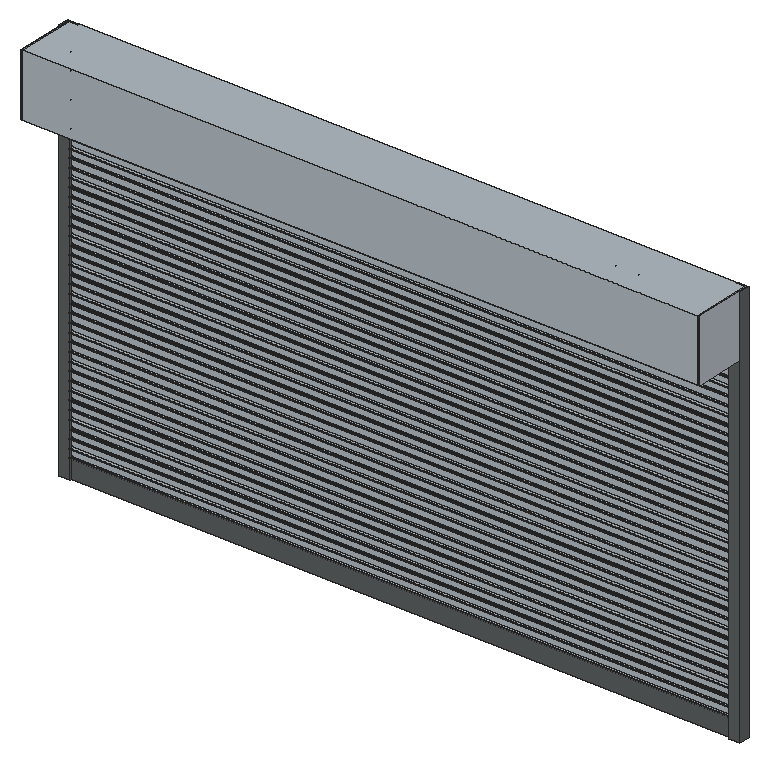
Revit family "Doors_Fire-Doors-Shutters_Wayne-Dalton_Fire-Rated-Counter-Shutters-FireStar-Model-550", category Specialty Equipment, host Wall, Revit 2026 (continued)
Definition of nested family "Motor"
  Definition of nested family "2D_NotScalableMain_29e791da-3db9-4234-ab15-44456784202b"
    Lines and regions (in)
      Masking region 3, in view "Ref. Level", visible <- "Wall Mount RMX"
        outline origin (0, 0, 0) x (1, 0, 0) y (0, 1, 0)
          loop
            arc (3.108, -2.29347) -> (3.02315, -2.25832) -> (2.988, -2.17347) r 0.12
            line (2.988, -2.17347) -> (2.988, 0.77483) -> (7.2495, 0.77483) -> (7.2495, -1.81) -> (7.52, -1.81) -> (7.52, 0.79) -> (8.82, 0.79) -> (8.82, 1.59) -> (7.52, 1.59) -> (7.52, 4.19) -> (7.2495, 4.19) -> (7.2495, 1.59) -> (3.108, 1.59) -> (3.108, 1.46193) -> (2.988, 1.46193) -> (2.988, 4.96193) -> (-2.988, 4.96193)
      reference lines, in view "Ref. Level"
        curve 1: line (0, 0, 0) -> (0, 0.125, 0)
        curve 2: line (0, 0, 0) -> (0.125, 0, 0)
      detail lines, in view "Ref. Level", visible <- "Wall Mount"
        curve 3: line (7.2495, 4.19, 0) -> (7.2495, -1.81, 0)
        curve 4: line (7.52, 4.19, 0) -> (7.52, -1.81, 0)
        curve 5: line (-4.134, -2.29347, 0) -> (-4.134, -5.05565, 0)
        curve 6: line (4.116, -2.29347, 0) -> (4.116, -5.05565, 0)
        curve 7: line (-4.134, -2.41307, 0) -> (4.116, -2.41307, 0)
        curve 8: line (4.116, -2.29347, 0) -> (3.108, -2.29347, 0)
        curve 9: line (2.988, -2.17347, 0) -> (2.988, 4.96193, 0)
        curve 10: line (2.988, 4.96193, 0) -> (-2.988, 4.96193, 0)
        curve 11: line (-2.988, 4.96193, 0) -> (-2.988, -2.17347, 0)
        curve 12: arc (-2.988, -2.17347, 0) -> (-3.02315, -2.25832, 0) -> (-3.108, -2.29347, 0) r 0.12
        curve 13: arc (3.108, -2.29347, 0) -> (3.02315, -2.25832, 0) -> (2.988, -2.17347, 0) r 0.12
        curve 21: line (-4.134, -2.29347, 0) -> (-3.108, -2.29347, 0)
      detail lines, in view "Ref. Level", not visible
        curve 14: line (4.57, -3.22517, 0) -> (4.57, 0.77483, 0)
        curve 15: line (4.799, -1.27241, 0) -> (4.799, 0.77483, 0)
      detail lines, in view "Ref. Level", visible <- "Wall Mount RSX"
        curve 16: line (5.199, -0.84111, 0) -> (5.199, 0.77483, 0)
        curve 17: line (-4.5757, -3.22517, 0) -> (-4.5757, 3.22517, 0)
        curve 18: line (-5.42825, -1.86661, 0) -> (-5.42825, 1.86661, 0)
        curve 19: line (-5.5274, 1.76746, 0) -> (-5.5274, -1.76746, 0)
        curve 20: line (-5.7485, -0.96741, 0) -> (-5.7485, 0.96741, 0)
        curve 22: line (5.199, 0.77483, 0) -> (2.988, 0.77483, 0)
        curve 23: line (4.57, 1.59, 0) -> (3.108, 1.59, 0)
        curve 24: line (-4.5757, -3.22517, 0) -> (-4.5757, 3.22517, 0)
        curve 25: line (-5.42825, 1.86661, 0) -> (-5.42825, -1.86661, 0)
        curve 26: line (-5.5274, 1.76746, 0) -> (-5.5274, -1.76746, 0)
        curve 27: line (-5.7485, -0.96741, 0) -> (-5.7485, 0.96741, 0)
        curve 28: line (4.57, 3.22517, 0) -> (4.57, 1.59, 0)
        curve 29: line (4.799, 0.77483, 0) -> (4.799, -1.22759, 0)
    Dimensions and locks (in)
      curve 1 to curve 1 = 1/8"
      curve 2 to curve 2 = 1/8"
      aligned and locked: plane 1 "Center (Front/Back)" to curve 1
      aligned and locked: plane 3 "Center (Left/Right)" to curve 1
      aligned and locked: plane 1 "Center (Front/Back)" to curve 2
Definition of nested family "Label Annotation 1"
  Parameters (values of type "Label Annotation 1-8")
    Label = "Area is too big. Please reduce Door Size."
  Reference planes (in)
    plane 1: y = 0
    plane 2: x = 0
  Text (in)
    label "Label" at (0.00375, -0.00345, 0), shows "Label"
Definition of nested family "Warning Sign"
  Parameters (values of type "Warning Sign")
    Warning Sign [instance] = no
    Default Elevation = 48"
  Reference planes (in)
    plane 1 "Center (Front/Back)": y = 0
    plane 2: z = 0
    plane 3 "Center (Left/Right)": x = 0
    plane 4: y = 0.5
    plane 5: y = -0.5
    plane 6: y = 1
    plane 7: y = 0.25
  Lines and regions (in)
    model lines
      curve 1: line (-1.76418, 1, 20.77727) -> (-20.66156, 1, -11.95396)
      curve 2: line (-19.77575, 1, -12.46538) -> (-0.87837, 1, 20.26584)
      curve 3: arc (1.77908, 1, 20.77727) -> (0.00745, 1, 21.80012) -> (-1.76418, 1, 20.77727) r 2.0457
      curve 4: arc (-0.87837, 1, 20.26584) -> (0.00745, 1, 20.77727) -> (0.89326, 1, 20.26584) r 1.02285
      curve 5: line (0.89326, 1, 20.26584) -> (19.79064, 1, -12.46538)
      curve 6: line (20.67646, 1, -11.95396) -> (1.77908, 1, 20.77727)
      curve 7: arc (19.79064, 1, -12.46538) -> (19.79064, 1, -13.48823) -> (18.90483, 1, -13.99966) r 1.02285
      curve 8: arc (18.90483, 1, -15.02251) -> (20.67646, 1, -13.99966) -> (20.67646, 1, -11.95396) r 2.0457
      curve 9: line (18.90483, 1, -13.99966) -> (-18.88993, 1, -13.99966)
      curve 10: line (-18.88993, 1, -15.02251) -> (18.90483, 1, -15.02251)
      curve 11: arc (-18.88993, 1, -13.99966) -> (-19.77575, 1, -13.48823) -> (-19.77575, 1, -12.46538) r 1.02285
      curve 12: arc (-20.66156, 1, -11.95396) -> (-20.66156, 1, -13.99966) -> (-18.88993, 1, -15.02251) r 2.0457
      curve 13: arc (-1.79043, 1, -8.25704) -> (0.00745, 1, -10.05492) -> (1.80533, 1, -8.25704) r 1.79788
      curve 14: arc (1.80533, 1, -8.25704) -> (0.00745, 1, -6.45916) -> (-1.79043, 1, -8.25704) r 1.79788
      curve 15: arc (-1.27202, 1, -4.07703) -> (0.03439, 1, -5.20006) -> (1.33368, 1, -4.06879) r 1.31655
      curve 16: line (-2.94943, 1, 7.21109) -> (-1.27202, 1, -4.07703)
      curve 17: line (1.33368, 1, -4.06879) -> (2.93699, 1, 7.21109)
      curve 18: arc (2.93699, 1, 7.21109) -> (-0.00622, 1, 10.1543) -> (-2.94943, 1, 7.21109) r 2.94321
      curve 19: line (-1.76418, -0.5, 20.77727) -> (-20.66156, -0.5, -11.95396)
      curve 20: line (-19.77575, -0.5, -12.46538) -> (-0.87837, -0.5, 20.26584)
      curve 21: arc (1.77908, -0.5, 20.77727) -> (0.00745, -0.5, 21.80012) -> (-1.76418, -0.5, 20.77727) r 2.0457
      curve 22: arc (-0.87837, -0.5, 20.26584) -> (0.00745, -0.5, 20.77727) -> (0.89326, -0.5, 20.26584) r 1.02285
      curve 23: line (0.89326, -0.5, 20.26584) -> (19.79064, -0.5, -12.46538)
      curve 24: line (20.67646, -0.5, -11.95396) -> (1.77908, -0.5, 20.77727)
      curve 25: arc (19.79064, -0.5, -12.46538) -> (19.79064, -0.5, -13.48823) -> (18.90483, -0.5, -13.99966) r 1.02285
      curve 26: arc (18.90483, -0.5, -15.02251) -> (20.67646, -0.5, -13.99966) -> (20.67646, -0.5, -11.95396) r 2.0457
      curve 27: line (18.90483, -0.5, -13.99966) -> (-18.88993, -0.5, -13.99966)
      curve 28: line (-18.88993, -0.5, -15.02251) -> (18.90483, -0.5, -15.02251)
      curve 29: arc (-18.88993, -0.5, -13.99966) -> (-19.77575, -0.5, -13.48823) -> (-19.77575, -0.5, -12.46538) r 1.02285
      curve 30: arc (-20.66156, -0.5, -11.95396) -> (-20.66156, -0.5, -13.99966) -> (-18.88993, -0.5, -15.02251) r 2.0457
      curve 31: arc (-1.79043, -0.5, -8.25704) -> (0.00745, -0.5, -10.05492) -> (1.80533, -0.5, -8.25704) r 1.79788
      curve 32: arc (1.80533, -0.5, -8.25704) -> (0.00745, -0.5, -6.45916) -> (-1.79043, -0.5, -8.25704) r 1.79788
      curve 33: arc (-1.27202, -0.5, -4.07703) -> (0.03439, -0.5, -5.20006) -> (1.33368, -0.5, -4.06879) r 1.31655
      curve 34: line (-2.94943, -0.5, 7.21109) -> (-1.27202, -0.5, -4.07703)
      curve 35: line (1.33368, -0.5, -4.06879) -> (2.93699, -0.5, 7.21109)
      curve 36: arc (2.93699, -0.5, 7.21109) -> (-0.00622, -0.5, 10.1543) -> (-2.94943, -0.5, 7.21109) r 2.94321
  Dimensions and locks (in)
    locked: plane 1 "Center (Front/Back)" to plane 4 at 0.5
    equal spacing: plane 1 "Center (Front/Back)", plane 7, plane 4
    locked: plane 4 to plane 6 at 0.5
    locked: plane 5 to plane 1 "Center (Front/Back)" at 0.5
    aligned and locked: plane 2 to level
  Automatic sketch dimensions
    curve 21 to curve 22 = 0"  (x2)
    curve 25 to curve 26 = 0"  (x2)
    curve 29 to curve 30 = 0"  (x2)
    curve 31 to curve 32 = 0"  (x2)
    curve 19 to plane 3 "Center (Left/Right)" = 1.76418"
    level to curve 19 = 20.77727"
    plane 3 "Center (Left/Right)" to curve 24 = 1.77908"
    curve 24 to curve 21 = 0"
    curve 20 to plane 3 "Center (Left/Right)" = 0.87837"
    curve 21 to curve 20 = 0.51143"
    plane 3 "Center (Left/Right)" to curve 23 = 0.89326"
    curve 23 to curve 21 = 0.51143"
    plane 3 "Center (Left/Right)" to curve 35 = 2.93699"
    level to curve 35 = 7.21109"
    plane 3 "Center (Left/Right)" to curve 33 = 0.03023"
    curve 33 to level = 3.88352"
    curve 35 to level = 4.06879"
    curve 34 to level = 4.07703"
    plane 3 "Center (Left/Right)" to curve 31 = 0.00745"
    curve 31 to level = 8.25704"
    curve 19 to level = 11.95396"
    curve 24 to level = 11.95396"
    curve 30 to curve 20 = 0.51143"
    curve 26 to curve 23 = 0.51143"
    curve 29 to curve 30 = 0.51143"
    curve 25 to curve 25 = 0.51143"
    curve 30 to curve 27 = 1.02285"
    curve 29 to curve 28 = 1.02285"
    curve 34 to plane 3 "Center (Left/Right)" = 2.94943"
    curve 30 to plane 3 "Center (Left/Right)" = 18.88993"
    curve 34 to plane 3 "Center (Left/Right)" = 1.27202"
    plane 3 "Center (Left/Right)" to curve 25 = 18.90483"
    curve 31 to plane 3 "Center (Left/Right)" = 1.79043"
    curve 3 to curve 4 = 0"  (x2)
    curve 7 to curve 8 = 0"  (x2)
    curve 11 to curve 12 = 0"  (x2)
    curve 13 to curve 14 = 0"  (x2)
    curve 1 to plane 3 "Center (Left/Right)" = 1.76418"
    level to curve 1 = 20.77727"
    plane 3 "Center (Left/Right)" to curve 6 = 1.77908"
    curve 6 to curve 3 = 0"
    curve 2 to plane 3 "Center (Left/Right)" = 0.87837"
    curve 3 to curve 2 = 0.51143"
    plane 3 "Center (Left/Right)" to curve 5 = 0.89326"
    curve 5 to curve 3 = 0.51143"
    plane 3 "Center (Left/Right)" to curve 17 = 2.93699"
    level to curve 17 = 7.21109"
    plane 3 "Center (Left/Right)" to curve 15 = 0.03023"
    curve 15 to level = 3.88352"
    curve 17 to level = 4.06879"
    curve 16 to level = 4.07703"
    plane 3 "Center (Left/Right)" to curve 13 = 0.00745"
    curve 13 to level = 8.25704"
    curve 1 to level = 11.95396"
    curve 6 to level = 11.95396"
    curve 12 to curve 2 = 0.51143"
    curve 8 to curve 5 = 0.51143"
    curve 11 to curve 12 = 0.51143"
    curve 7 to curve 7 = 0.51143"
    curve 12 to curve 9 = 1.02285"
    curve 11 to curve 10 = 1.02285"
    curve 16 to plane 3 "Center (Left/Right)" = 2.94943"
    curve 12 to plane 3 "Center (Left/Right)" = 18.88993"
    curve 16 to plane 3 "Center (Left/Right)" = 1.27202"
    plane 3 "Center (Left/Right)" to curve 7 = 18.90483"
    curve 13 to plane 3 "Center (Left/Right)" = 1.79043"
Types (9): name | Voltage | Side Room Right | Operator Visibility | Number of Poles | Lookup BD | Hood Height | Lookup HH | Headroom Height Real | Headroom Height | Frequency | Floor To CL shaft | Electric Operator | Door Height True | Floor To (CL) of Shaft | Crank | Manual | Current | Backroom Depth | Apparent Load Phase 3 | Apparent Load Phase 2 | Apparent Load Phase 1
  115 volts, one phase, 60 Hz (110-120V range) | 115 V | 8" | yes | 1 | 13 1/8" | 13 1/2" | 13 1/2" | 16 1/2" | 16 1/2" | 60 Hz | 69 3/4" | yes | 136 1/2" | 105 3/4" | no | no | 20 A | 13 1/8" | 0 VA | 0 VA | 2300 VA
  ‏​Manual push-up | 0 V | 3" | no | 1 | 11 1/8" | 11 1/2" | 11 1/2" | 14 1/2" | 14 1/2" | 0 Hz | 68 3/4" | no | 134 1/2" | 104 3/4" | no | yes | 0 A | 11 1/8" | 0 VA | 0 VA | 0 VA
  230 volts, three phase, 60 Hz (208-245V range) | 230 V | 8" | yes | 3 | 13 1/8" | 13 1/2" | 13 1/2" | 16 1/2" | 16 1/2" | 60 Hz | 69 3/4" | yes | 136 1/2" | 105 3/4" | no | no | 20 A | 13 1/8" | 2655.81 VA | 2655.81 VA | 2655.81 VA
  230 volts, one phase, 60 Hz (208-245V range) | 230 V | 8" | yes | 1 | 13 1/8" | 13 1/2" | 13 1/2" | 16 1/2" | 16 1/2" | 60 Hz | 69 3/4" | yes | 136 1/2" | 105 3/4" | no | no | 20 A | 13 1/8" | 0 VA | 0 VA | 4600 VA
  460 volts, three phase, 60 Hz (456-495V range) | 460 V | 8" | yes | 3 | 13 1/8" | 13 1/2" | 13 1/2" | 16 1/2" | 16 1/2" | 60 Hz | 69 3/4" | yes | 136 1/2" | 105 3/4" | no | no | 20 A | 13 1/8" | 5311.62 VA | 5311.62 VA | 5311.62 VA
  208 volts, one phase, 60 Hz (190-207V range) | 208 V | 8" | yes | 1 | 13 1/8" | 13 1/2" | 13 1/2" | 16 1/2" | 16 1/2" | 60 Hz | 69 3/4" | yes | 136 1/2" | 105 3/4" | no | no | 20 A | 13 1/8" | 0 VA | 0 VA | 4160 VA
  208 volts, three phase, 60 Hz (190-207V range) | 208 V | 8" | yes | 3 | 13 1/8" | 13 1/2" | 13 1/2" | 16 1/2" | 16 1/2" | 60 Hz | 69 3/4" | yes | 136 1/2" | 105 3/4" | no | no | 20 A | 13 1/8" | 2401.78 VA | 2401.78 VA | 2401.78 VA
  575 volts, three phase, 60 Hz | 575 V | 8" | yes | 3 | 13 1/8" | 13 1/2" | 13 1/2" | 16 1/2" | 16 1/2" | 60 Hz | 69 3/4" | yes | 136 1/2" | 105 3/4" | no | no | 20 A | 13 1/8" | 6639.53 VA | 6639.53 VA | 6639.53 VA
  Manual crank | 0 V | 5" | yes | 1 | 9 1/8" | 9 1/2" | 9 1/2" | 12 1/2" | 12 1/2" | 0 Hz | 67 3/4" | no | 132 1/2" | 103 3/4" | yes | no | 0 A | 9 1/8" | 0 VA | 0 VA | 0 VA
